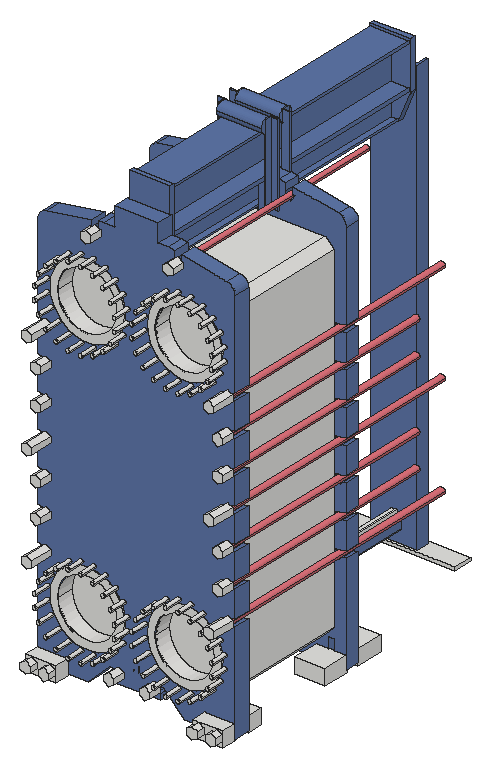
Revit family "HVAC_Heat-Exchanger_Alfa-Laval_TS50-FG_ASME___", category Specialty Equipment, Revit 2018 (continued)
Dimensions and locks
  locked: plane 13 to Extrusion 30 sketch curve at 20
  locked: plane 24 to plane 11 "Back" at 20
  "Depth": plane 24 to plane 12
  locked: Extrusion 24 sketch curve to plane 2 at 25
  locked: plane 15 to plane 25 at 688
  locked: plane 15 to Extrusion 24 sketch curve at 278
  locked: plane 15 to Extrusion 25 sketch curve at 278
  locked: plane 27 to plane 26 at 292
  locked: plane 13 to plane 28 at 40
  locked: plane 4 "Back Panel" to plane 26 at 91
  locked: plane 8 to Extrusion 34 sketch curve at 60
  locked: Extrusion 34 sketch curve to plane 3 "Center (Left/Right)" at 235.5
  locked: Extrusion 34 sketch curve to plane 8 at 8
  locked: Extrusion 34 sketch curve to plane 3 "Center (Left/Right)" at 175.5
  locked: Extrusion 34 sketch curve to Extrusion 34 sketch curve at 8  (x2)
  locked: plane 12 to plane 1 "Center (Front/Back)" at 183
  aligned and locked: level to plane 2
  aligned and locked: Extrusion 5 sketch curve to plane 1 "Center (Front/Back)"
  aligned and locked: plane 1 "Center (Front/Back)" to Extrusion 5 sketch curve
  aligned and locked: Extrusion 5 sketch curve to Extrusion 5 sketch curve  (x17)
  aligned and locked: Extrusion 5 sketch curve to plane 4 "Back Panel"
  aligned and locked: plane 4 "Back Panel" to Extrusion 5 sketch curve
  aligned and locked: plane 4 "Back Panel" to Extrusion 9
  aligned and locked: plane 4 "Back Panel" to Extrusion 10
  aligned and locked: plane 9 to Extrusion 11
  aligned and locked: plane 9 to Extrusion 12
  aligned and locked: plane 10 to Extrusion 13
  aligned and locked: Extrusion 13 to plane 10
  aligned and locked: plane 10 to Extrusion 14
  aligned and locked: plane 1 "Center (Front/Back)" to Extrusion 14
  aligned and locked: plane 1 "Center (Front/Back)" to Extrusion 13
  aligned and locked: Extrusion 17 to plane 12
  aligned and locked: Extrusion 18 to plane 12
  aligned and locked: plane 13 to Extrusion 20
  aligned and locked: Extrusion 21 sketch curve to plane 11 "Back"
  aligned and locked: Extrusion 21 to level
  aligned and locked: Extrusion 22 sketch curve to plane 11 "Back"
  aligned and locked: plane 13 to Extrusion 22 sketch curve
  aligned and locked: plane 13 to Extrusion 23
  aligned and locked: Extrusion 24 sketch curve to plane 8  (x2)
  aligned and locked: plane 13 to Extrusion 24 sketch curve
  aligned and locked: Extrusion 24 sketch curve to plane 11 "Back"
  aligned and locked: Extrusion 24 sketch curve to plane 13
  aligned and locked: plane 5 to Extrusion 25 sketch curve
  aligned and locked: Extrusion 25 sketch curve to plane 1 "Center (Front/Back)"
  aligned and locked: plane 8 to Extrusion 25 sketch curve
  aligned and locked: Extrusion 26 to plane 7 "Main body"
  aligned and locked: Extrusion 27 sketch curve to plane 1 "Center (Front/Back)"  (x2)
  aligned and locked: plane 8 to Extrusion 27 sketch curve  (x2)
  aligned and locked: Extrusion 27 sketch curve to Extrusion 5
  aligned and locked: Extrusion 27 sketch curve to Extrusion 27 sketch curve  (x2)
  aligned and locked: Extrusion 5 to Extrusion 27
  aligned and locked: Extrusion 27 to level
  aligned and locked: Extrusion 28 to plane 22
  aligned and locked: Extrusion 29 to plane 22
  aligned and locked: Extrusion 24 sketch curve to plane 15
  aligned and locked: plane 25 to Extrusion 24 sketch curve
  aligned and locked: plane 7 "Main body" to Extrusion 24 sketch curve
  aligned and locked: plane 26 to Extrusion 31  (x2)
  aligned and locked: plane 27 to Extrusion 31
  aligned and locked: Extrusion 32 to plane 28
  aligned and locked: plane 8 to Extrusion 34 sketch curve
  aligned and locked: Extrusion 34 sketch curve to plane 8
  aligned and locked: plane 13 to Extrusion 19
  aligned and locked: plane 13 to Extrusion 36
Automatic sketch dimensions
  plane 5 to Extrusion 9 sketch curve = 200 mm
  Extrusion 9 sketch curve to Extrusion 9 sketch curve = 70 mm  (x8)
  Extrusion 10 sketch curve to plane 3 "Center (Left/Right)" = 675 mm
  plane 5 to Extrusion 10 sketch curve = 200 mm
  plane 3 "Center (Left/Right)" to Extrusion 10 sketch curve = 675 mm
  plane 6 "Top" to Extrusion 10 sketch curve = 530 mm
  Extrusion 21 sketch curve to plane 11 "Back" = 0 mm
  Extrusion 21 sketch curve to plane 3 "Center (Left/Right)" = 180 mm
  Extrusion 21 sketch curve to Extrusion 21 sketch curve = 16.5 mm
  Extrusion 21 sketch curve to Extrusion 21 sketch curve = 15 mm  (x2)
  plane 3 "Center (Left/Right)" to Extrusion 21 sketch curve = 148.5 mm
  Extrusion 21 sketch curve to Extrusion 21 sketch curve = 31.5 mm
  plane 3 "Center (Left/Right)" to Extrusion 23 sketch curve = 20 mm
  Extrusion 23 sketch curve to plane 3 "Center (Left/Right)" = 20 mm
  plane 5 to Extrusion 23 sketch curve = 244.5 mm
  Extrusion 23 sketch curve to Extrusion 23 sketch curve = 40 mm
  Extrusion 5 sketch curve to Extrusion 5 sketch curve = 238 mm
  Extrusion 7 sketch curve to Extrusion 7 sketch curve = 0 mm  (x8)
  Extrusion 7 sketch curve to plane 16 = 0 mm  (x2)
  plane 17 to Extrusion 7 sketch curve = 0 mm  (x2)
  Extrusion 7 sketch curve to plane 21 = 0 mm  (x2)
  Extrusion 7 sketch curve to plane 20 = 0 mm  (x2)
  Extrusion 8 sketch curve to plane 18 = 60.7 mm  (x2)
  Extrusion 8 sketch curve to Extrusion 8 sketch curve = 28.6 mm  (x16)
  Extrusion 8 sketch curve to plane 3 "Center (Left/Right)" = 79.3 mm  (x2)
  plane 3 "Center (Left/Right)" to Extrusion 8 sketch curve = 50.7 mm  (x2)
  Extrusion 8 sketch curve to plane 19 = 89.3 mm  (x2)
  plane 5 to Extrusion 8 sketch curve = 185.2 mm
  Extrusion 8 sketch curve to Extrusion 8 sketch curve = 0 mm
  plane 21 to Extrusion 8 sketch curve = 303.2 mm  (x2)
  Extrusion 8 sketch curve to plane 20 = 331.8 mm  (x2)
  plane 14 to Extrusion 8 sketch curve = 243.8 mm  (x2)
  Extrusion 6 sketch curve to plane 18 = 78.909 mm  (x4)
  Extrusion 6 sketch curve to Extrusion 6 sketch curve = 30.696 mm  (x22)
  Extrusion 6 sketch curve to Extrusion 6 sketch curve = 58.388 mm  (x32)
  Extrusion 6 sketch curve to Extrusion 6 sketch curve = 80.364 mm  (x32)
  Extrusion 6 sketch curve to plane 16 = 49.668 mm  (x4)
  plane 16 to Extrusion 6 sketch curve = 49.668 mm  (x4)
  Extrusion 6 sketch curve to Extrusion 6 sketch curve = 94.474 mm  (x16)
  Extrusion 6 sketch curve to plane 3 "Center (Left/Right)" = 68.909 mm  (x4)
  plane 3 "Center (Left/Right)" to Extrusion 6 sketch curve = 68.909 mm  (x4)
  plane 17 to Extrusion 6 sketch curve = 49.668 mm  (x4)
  Extrusion 6 sketch curve to plane 17 = 49.668 mm  (x4)
  Extrusion 6 sketch curve to plane 19 = 78.909 mm  (x4)
  plane 5 to Extrusion 6 sketch curve = 203.409 mm  (x2)
  Extrusion 6 sketch curve to Extrusion 6 sketch curve = 0 mm  (x6)
  Extrusion 6 sketch curve to plane 21 = 49.668 mm  (x4)
  plane 21 to Extrusion 6 sketch curve = 49.668 mm  (x4)
  Extrusion 6 sketch curve to plane 20 = 313.591 mm  (x2)
  Extrusion 6 sketch curve to plane 20 = 49.668 mm  (x4)
  plane 20 to Extrusion 6 sketch curve = 49.668 mm  (x4)
  Extrusion 26 sketch curve to Extrusion 26 sketch curve = 0 mm  (x8)
  Extrusion 26 sketch curve to plane 16 = 0 mm  (x2)
  plane 17 to Extrusion 26 sketch curve = 0 mm  (x2)
  Extrusion 26 sketch curve to plane 21 = 0 mm  (x2)
  Extrusion 26 sketch curve to plane 20 = 0 mm  (x2)
  Extrusion 11 sketch curve to plane 18 = 60 mm  (x4)
  plane 16 to Extrusion 11 sketch curve = 57.5 mm
  plane 17 to Extrusion 11 sketch curve = 57.5 mm
  Extrusion 11 sketch curve to plane 19 = 60 mm  (x4)
  plane 21 to Extrusion 11 sketch curve = 553 mm  (x2)
  Extrusion 11 sketch curve to Extrusion 11 sketch curve = 265 mm  (x4)
  plane 14 to Extrusion 11 sketch curve = 39.631 mm  (x2)
  Extrusion 28 sketch curve to plane 3 "Center (Left/Right)" = 140 mm
  plane 3 "Center (Left/Right)" to Extrusion 28 sketch curve = 140 mm
  plane 5 to Extrusion 28 sketch curve = 140 mm  (x2)
  Extrusion 11 sketch curve to Extrusion 11 sketch curve = 530 mm  (x2)
  Extrusion 13 sketch curve to plane 18 = 60 mm  (x3)
  Extrusion 13 sketch curve to plane 19 = 60 mm  (x3)
  plane 21 to Extrusion 13 sketch curve = 288 mm  (x2)
  Extrusion 13 sketch curve to Extrusion 13 sketch curve = 795 mm  (x2)
  Extrusion 13 sketch curve to plane 20 = 288 mm  (x2)
  Extrusion 14 sketch curve to plane 18 = 36 mm  (x3)
  Extrusion 14 sketch curve to Extrusion 14 sketch curve = 48 mm  (x9)
  Extrusion 14 sketch curve to plane 19 = 84 mm  (x3)
  Extrusion 14 sketch curve to plane 19 = 36 mm  (x3)
  plane 21 to Extrusion 14 sketch curve = 264 mm  (x2)
  Extrusion 14 sketch curve to Extrusion 14 sketch curve = 747 mm  (x2)
  Extrusion 14 sketch curve to plane 20 = 312 mm  (x2)
  Extrusion 12 sketch curve to plane 18 = 36 mm  (x4)
  Extrusion 12 sketch curve to Extrusion 12 sketch curve = 48 mm  (x12)
  plane 16 to Extrusion 12 sketch curve = 38 mm
  Extrusion 12 sketch curve to Extrusion 12 sketch curve = 39 mm
  plane 17 to Extrusion 12 sketch curve = 77 mm
  plane 17 to Extrusion 12 sketch curve = 38 mm
  Extrusion 12 sketch curve to plane 19 = 84 mm  (x4)
  Extrusion 12 sketch curve to plane 19 = 36 mm  (x4)
  plane 21 to Extrusion 12 sketch curve = 528.998 mm  (x2)
  Extrusion 12 sketch curve to Extrusion 12 sketch curve = 217 mm  (x4)
  Extrusion 12 sketch curve to Extrusion 12 sketch curve = 482 mm  (x2)
  plane 14 to Extrusion 12 sketch curve = 59.131 mm  (x2)
  plane 14 to Extrusion 12 sketch curve = 20.131 mm  (x2)
  Extrusion 29 sketch curve to plane 3 "Center (Left/Right)" = 159.5 mm
  Extrusion 29 sketch curve to Extrusion 29 sketch curve = 39 mm  (x4)
  plane 3 "Center (Left/Right)" to Extrusion 29 sketch curve = 120.5 mm
  plane 5 to Extrusion 29 sketch curve = 120.5 mm  (x2)
  Extrusion 15 sketch curve to plane 18 = 20 mm  (x4)
  Extrusion 15 sketch curve to Extrusion 15 sketch curve = 40 mm  (x31)
  plane 16 to Extrusion 15 sketch curve = 17.5 mm
  Extrusion 15 sketch curve to plane 14 = 6.557 mm  (x2)
  plane 14 to Extrusion 15 sketch curve = 16.537 mm  (x4)
  Extrusion 15 sketch curve to plane 3 "Center (Left/Right)" = 180 mm
  plane 3 "Center (Left/Right)" to Extrusion 15 sketch curve = 100 mm
  plane 17 to Extrusion 15 sketch curve = 97.5 mm
  plane 17 to Extrusion 15 sketch curve = 17.5 mm
  Extrusion 15 sketch curve to plane 19 = 100 mm  (x4)
  Extrusion 15 sketch curve to plane 19 = 20 mm  (x4)
  plane 14 to Extrusion 15 sketch curve = 62.725 mm  (x2)
  Extrusion 15 sketch curve to Extrusion 15 sketch curve = 46.188 mm  (x22)
  Extrusion 15 sketch curve to Extrusion 15 sketch curve = 23.094 mm  (x32)
  Extrusion 15 sketch curve to plane 20 = 506.812 mm  (x2)
  Extrusion 15 sketch curve to Extrusion 15 sketch curve = 172.624 mm  (x4)
  Extrusion 15 sketch curve to Extrusion 15 sketch curve = 437.624 mm  (x2)
  plane 5 to Extrusion 15 sketch curve = 186.188 mm  (x2)
  Extrusion 17 sketch curve to plane 18 = 20 mm  (x3)
  Extrusion 17 sketch curve to Extrusion 17 sketch curve = 40 mm  (x15)
  Extrusion 17 sketch curve to plane 19 = 100 mm  (x3)
  Extrusion 17 sketch curve to plane 19 = 20 mm  (x3)
  plane 21 to Extrusion 17 sketch curve = 241.812 mm  (x2)
  Extrusion 17 sketch curve to Extrusion 17 sketch curve = 23.094 mm  (x18)
  Extrusion 17 sketch curve to Extrusion 17 sketch curve = 46.188 mm  (x12)
  Extrusion 17 sketch curve to Extrusion 17 sketch curve = 702.624 mm  (x2)
  Extrusion 17 sketch curve to plane 20 = 334.188 mm  (x2)
  Extrusion 18 sketch curve to plane 18 = 20 mm  (x3)
  Extrusion 18 sketch curve to Extrusion 18 sketch curve = 80 mm  (x3)
  Extrusion 18 sketch curve to plane 19 = 100 mm  (x3)
  Extrusion 18 sketch curve to plane 19 = 20 mm  (x3)
  plane 21 to Extrusion 18 sketch curve = 241.812 mm  (x2)
  Extrusion 18 sketch curve to Extrusion 18 sketch curve = 92.376 mm  (x6)
  Extrusion 18 sketch curve to Extrusion 18 sketch curve = 702.624 mm  (x2)
  Extrusion 18 sketch curve to plane 20 = 334.188 mm  (x2)
  Extrusion 16 sketch curve to plane 18 = 20 mm  (x4)
  Extrusion 16 sketch curve to Extrusion 16 sketch curve = 80 mm  (x7)
  plane 16 to Extrusion 16 sketch curve = 17.5 mm
  Extrusion 16 sketch curve to plane 3 "Center (Left/Right)" = 180 mm
  plane 3 "Center (Left/Right)" to Extrusion 16 sketch curve = 100 mm
  plane 17 to Extrusion 16 sketch curve = 97.5 mm
  plane 17 to Extrusion 16 sketch curve = 17.5 mm
  Extrusion 16 sketch curve to plane 19 = 100 mm  (x4)
  Extrusion 16 sketch curve to plane 19 = 20 mm  (x4)
  plane 5 to Extrusion 16 sketch curve = 93.812 mm  (x2)
  Extrusion 16 sketch curve to Extrusion 16 sketch curve = 92.376 mm  (x10)
  plane 21 to Extrusion 16 sketch curve = 506.812 mm  (x2)
  Extrusion 16 sketch curve to Extrusion 16 sketch curve = 172.624 mm  (x4)
  Extrusion 16 sketch curve to Extrusion 16 sketch curve = 437.624 mm  (x2)
  plane 14 to Extrusion 16 sketch curve = 85.819 mm  (x2)
  Extrusion 16 sketch curve to plane 14 = 6.557 mm  (x2)
  Extrusion 1 sketch curve to plane 5 = 0 mm  (x2)
  Extrusion 1 sketch curve to plane 16 = 0 mm  (x2)
  plane 17 to Extrusion 1 sketch curve = 0 mm  (x2)
  Extrusion 1 sketch curve to plane 21 = 0 mm  (x2)
  Extrusion 1 sketch curve to plane 20 = 0 mm  (x2)
  Extrusion 1 sketch curve to plane 18 = 80 mm
  plane 14 to Extrusion 1 sketch curve = 30.915 mm  (x2)
  Extrusion 1 sketch curve to plane 18 = 66.108 mm
  Extrusion 1 sketch curve to plane 18 = 60 mm  (x7)
  Extrusion 1 sketch curve to Extrusion 1 sketch curve = 12.167 mm  (x14)
  Extrusion 1 sketch curve to Extrusion 1 sketch curve = 26.143 mm  (x14)
  plane 18 to Extrusion 1 sketch curve = 0 mm  (x8)
  plane 16 to Extrusion 1 sketch curve = 5.5 mm
  plane 16 to Extrusion 1 sketch curve = 30.5 mm
  Extrusion 1 sketch curve to Extrusion 1 sketch curve = 27 mm  (x4)
  Extrusion 1 sketch curve to plane 14 = 41.536 mm  (x2)
  Extrusion 1 sketch curve to Extrusion 1 sketch curve = 54 mm
  Extrusion 1 sketch curve to plane 14 = 50 mm  (x2)
  Extrusion 1 sketch curve to Extrusion 1 sketch curve = 48 mm  (x2)
  plane 16 to Extrusion 1 sketch curve = 172.5 mm
  Extrusion 1 sketch curve to Extrusion 1 sketch curve = 20 mm
  Extrusion 1 sketch curve to Extrusion 1 sketch curve = 80 mm  (x2)
  Extrusion 1 sketch curve to Extrusion 1 sketch curve = 30.169 mm  (x2)
  Extrusion 1 sketch curve to Extrusion 1 sketch curve = 50.169 mm  (x2)
  Extrusion 1 sketch curve to Extrusion 1 sketch curve = 19.831 mm  (x3)
  plane 3 "Center (Left/Right)" to Extrusion 1 sketch curve = 140 mm
  plane 3 "Center (Left/Right)" to Extrusion 1 sketch curve = 170 mm
  plane 14 to Extrusion 1 sketch curve = 19.209 mm  (x2)
  plane 17 to Extrusion 1 sketch curve = 30.5 mm
  plane 17 to Extrusion 1 sketch curve = 5.5 mm
  Extrusion 1 sketch curve to plane 19 = 80 mm
  Extrusion 1 sketch curve to plane 19 = 66.108 mm
  Extrusion 1 sketch curve to plane 19 = 60 mm  (x7)
  plane 19 to Extrusion 1 sketch curve = 0 mm  (x8)
  plane 5 to Extrusion 1 sketch curve = 70 mm
  Extrusion 1 sketch curve to Extrusion 1 sketch curve = 43 mm  (x2)
  plane 21 to Extrusion 1 sketch curve = 267.053 mm  (x2)
  Extrusion 1 sketch curve to Extrusion 1 sketch curve = 9.072 mm  (x14)
  Extrusion 1 sketch curve to Extrusion 1 sketch curve = 20.947 mm  (x14)
  Extrusion 1 sketch curve to Extrusion 1 sketch curve = 12.817 mm  (x14)
  Extrusion 1 sketch curve to Extrusion 1 sketch curve = 200.023 mm  (x12)
  Extrusion 1 sketch curve to Extrusion 1 sketch curve = 20.421 mm
  plane 14 to Extrusion 1 sketch curve = 39.631 mm
  Extrusion 1 sketch curve to plane 14 = 32.015 mm  (x2)
  plane 6 "Top" to Extrusion 1 sketch curve = 107 mm
  plane 5 to Extrusion 3 sketch curve = 10 mm
  plane 6 "Top" to Extrusion 3 sketch curve = 250 mm
  Extrusion 3 sketch curve to plane 19 = 0 mm
  plane 18 to Extrusion 3 sketch curve = 0 mm
  plane 14 to Extrusion 9 sketch curve = 300 mm
  Extrusion 9 sketch curve to plane 16 = 222.5 mm
  Extrusion 9 sketch curve to plane 17 = 222.5 mm
  plane 19 to Extrusion 2 sketch curve = 0 mm  (x8)
  Extrusion 2 sketch curve to plane 19 = 33.857 mm  (x7)
  Extrusion 2 sketch curve to plane 19 = 47.833 mm  (x7)
  Extrusion 2 sketch curve to Extrusion 2 sketch curve = 12.167 mm  (x11)
  Extrusion 2 sketch curve to Extrusion 2 sketch curve = 26.143 mm  (x10)
  plane 14 to Extrusion 2 sketch curve = 30.915 mm  (x2)
  Extrusion 2 sketch curve to plane 19 = 66.108 mm
  Extrusion 2 sketch curve to plane 19 = 80 mm
  Extrusion 2 sketch curve to plane 19 = 94 mm
  plane 5 to Extrusion 2 sketch curve = 10 mm  (x4)
  Extrusion 2 sketch curve to Extrusion 2 sketch curve = 50 mm  (x2)
  plane 17 to Extrusion 2 sketch curve = 15.5 mm
  plane 17 to Extrusion 2 sketch curve = 30.5 mm
  Extrusion 2 sketch curve to Extrusion 2 sketch curve = 27 mm  (x4)
  Extrusion 2 sketch curve to plane 14 = 41.536 mm  (x2)
  Extrusion 2 sketch curve to Extrusion 2 sketch curve = 54 mm
  plane 17 to Extrusion 2 sketch curve = 172.5 mm
  Extrusion 2 sketch curve to Extrusion 2 sketch curve = 20 mm
  Extrusion 2 sketch curve to plane 14 = 2 mm  (x2)
  Extrusion 2 sketch curve to Extrusion 2 sketch curve = 128 mm
  Extrusion 2 sketch curve to Extrusion 2 sketch curve = 50.169 mm  (x2)
  Extrusion 2 sketch curve to Extrusion 2 sketch curve = 30.169 mm  (x2)
  Extrusion 2 sketch curve to Extrusion 2 sketch curve = 19.831 mm  (x3)
  plane 3 "Center (Left/Right)" to Extrusion 2 sketch curve = 80 mm
  plane 3 "Center (Left/Right)" to Extrusion 2 sketch curve = 62.5 mm
  Extrusion 2 sketch curve to Extrusion 2 sketch curve = 35 mm  (x2)
  plane 3 "Center (Left/Right)" to Extrusion 2 sketch curve = 22.5 mm
  plane 3 "Center (Left/Right)" to Extrusion 2 sketch curve = 20 mm
  Extrusion 2 sketch curve to plane 3 "Center (Left/Right)" = 20 mm
  Extrusion 2 sketch curve to plane 3 "Center (Left/Right)" = 22.5 mm
  Extrusion 2 sketch curve to plane 3 "Center (Left/Right)" = 45 mm
  Extrusion 2 sketch curve to Extrusion 2 sketch curve = 40 mm
  Extrusion 2 sketch curve to Extrusion 2 sketch curve = 77.5 mm
  Extrusion 2 sketch curve to Extrusion 2 sketch curve = 90 mm
  Extrusion 2 sketch curve to Extrusion 2 sketch curve = 80 mm
  plane 14 to Extrusion 2 sketch curve = 19.209 mm  (x2)
  Extrusion 2 sketch curve to Extrusion 2 sketch curve = 48 mm  (x3)
  plane 16 to Extrusion 2 sketch curve = 30.5 mm
  plane 16 to Extrusion 2 sketch curve = 15.5 mm
  Extrusion 2 sketch curve to plane 18 = 144 mm
  Extrusion 2 sketch curve to plane 18 = 80 mm
  Extrusion 2 sketch curve to plane 18 = 66.108 mm
  Extrusion 2 sketch curve to plane 18 = 60 mm  (x7)
  plane 18 to Extrusion 2 sketch curve = 0 mm  (x8)
  plane 5 to Extrusion 2 sketch curve = 70 mm  (x2)
  Extrusion 2 sketch curve to Extrusion 2 sketch curve = 43 mm  (x2)
  Extrusion 2 sketch curve to Extrusion 2 sketch curve = 180 mm  (x2)
  Extrusion 2 sketch curve to Extrusion 2 sketch curve = 53 mm
  Extrusion 2 sketch curve to Extrusion 2 sketch curve = 0 mm
  Extrusion 2 sketch curve to Extrusion 2 sketch curve = 11.386 mm  (x2)
  Extrusion 2 sketch curve to Extrusion 2 sketch curve = 19.843 mm
  plane 21 to Extrusion 2 sketch curve = 267.053 mm  (x2)
  Extrusion 2 sketch curve to Extrusion 2 sketch curve = 9.072 mm  (x14)
  Extrusion 2 sketch curve to Extrusion 2 sketch curve = 20.947 mm  (x14)
  Extrusion 2 sketch curve to Extrusion 2 sketch curve = 12.817 mm  (x14)
  Extrusion 2 sketch curve to Extrusion 2 sketch curve = 200.023 mm  (x12)
  plane 20 to Extrusion 2 sketch curve = 249 mm
  Extrusion 2 sketch curve to Extrusion 2 sketch curve = 60 mm  (x2)
  Extrusion 2 sketch curve to Extrusion 2 sketch curve = 20.421 mm
  plane 14 to Extrusion 2 sketch curve = 39.631 mm
  Extrusion 2 sketch curve to plane 14 = 32.015 mm  (x2)
  Extrusion 2 sketch curve to Extrusion 2 sketch curve = 8.464 mm
  plane 18 to Extrusion 4 sketch curve = 0 mm
  Extrusion 4 sketch curve to plane 16 = 0 mm  (x2)
  plane 17 to Extrusion 4 sketch curve = 0 mm  (x2)
  Extrusion 4 sketch curve to plane 5 = 0 mm
  Extrusion 4 sketch curve to plane 19 = 0 mm
  Extrusion 4 sketch curve to plane 21 = 0 mm  (x2)
  Extrusion 4 sketch curve to plane 20 = 0 mm  (x2)
  plane 6 "Top" to Extrusion 4 sketch curve = 107 mm
  Extrusion 30 sketch curve to plane 16 = 112.5 mm
  Extrusion 30 sketch curve to plane 17 = 112.5 mm
  plane 16 to Extrusion 22 sketch curve = 202.5 mm
  plane 3 "Center (Left/Right)" to Extrusion 22 sketch curve = 180 mm
  plane 5 to Extrusion 24 sketch curve = 105 mm
  Extrusion 24 sketch curve to Extrusion 24 sketch curve = 100 mm
  plane 14 to Extrusion 20 sketch curve = 217 mm
  Extrusion 20 sketch curve to plane 3 "Center (Left/Right)" = 160 mm
  Extrusion 20 sketch curve to plane 3 "Center (Left/Right)" = 50 mm
  plane 3 "Center (Left/Right)" to Extrusion 20 sketch curve = 50 mm
  Extrusion 20 sketch curve to plane 6 "Top" = 93 mm
  plane 3 "Center (Left/Right)" to Extrusion 20 sketch curve = 160 mm
  plane 5 to Extrusion 20 sketch curve = 204.5 mm
  Extrusion 20 sketch curve to Extrusion 20 sketch curve = 100 mm
  Extrusion 31 sketch curve to plane 15 = 0 mm
  Extrusion 31 sketch curve to plane 3 "Center (Left/Right)" = 160 mm
  plane 3 "Center (Left/Right)" to Extrusion 31 sketch curve = 160 mm
  Extrusion 31 sketch curve to Extrusion 31 sketch curve = 78 mm
  Extrusion 32 sketch curve to Extrusion 22 = 20 mm
  Extrusion 32 sketch curve to Extrusion 22 = 110 mm
  Extrusion 22 to Extrusion 32 sketch curve = 110 mm
  Extrusion 32 sketch curve to Extrusion 22 = 198 mm
  Extrusion 22 to Extrusion 32 sketch curve = 182 mm  (x2)
  Extrusion 32 sketch curve to Extrusion 32 sketch curve = 230 mm
  Extrusion 22 to Extrusion 32 sketch curve = 20 mm
  Extrusion 33 sketch curve to Extrusion 4 = 200 mm
  Extrusion 4 to Extrusion 33 sketch curve = 615 mm
  Extrusion 33 sketch curve to Extrusion 33 sketch curve = 90 mm
  Extrusion 33 sketch curve to Extrusion 33 sketch curve = 140 mm
  Extrusion 33 sketch curve to Extrusion 33 sketch curve = 320 mm
  Extrusion 4 to Extrusion 33 sketch curve = 180 mm  (x2)
  Extrusion 33 sketch curve to Extrusion 33 sketch curve = 230 mm
  Extrusion 19 sketch curve to plane 6 "Top" = 55.5 mm  (x2)
  Extrusion 19 sketch curve to plane 3 "Center (Left/Right)" = 150 mm  (x2)
  Extrusion 19 sketch curve to plane 14 = 14.5 mm  (x2)
  Extrusion 19 sketch curve to plane 3 "Center (Left/Right)" = 60 mm
  Extrusion 19 sketch curve to plane 3 "Center (Left/Right)" = 50 mm
  Extrusion 19 sketch curve to Extrusion 19 sketch curve = 6.25 mm  (x3)
  Extrusion 19 sketch curve to plane 3 "Center (Left/Right)" = 5 mm
  Extrusion 19 sketch curve to plane 3 "Center (Left/Right)" = 4 mm
  plane 3 "Center (Left/Right)" to Extrusion 19 sketch curve = 5 mm
  plane 3 "Center (Left/Right)" to Extrusion 19 sketch curve = 43.75 mm  (x2)
  plane 25 to Extrusion 19 sketch curve = 9.064 mm
  plane 3 "Center (Left/Right)" to Extrusion 19 sketch curve = 60 mm
  Extrusion 19 sketch curve to Extrusion 19 sketch curve = 146 mm
  Extrusion 19 sketch curve to Extrusion 19 sketch curve = 145 mm
  plane 25 to Extrusion 19 sketch curve = 0.064 mm
  plane 5 to Extrusion 19 sketch curve = 204.5 mm
  Extrusion 19 sketch curve to Extrusion 19 sketch curve = 87.5 mm
  Extrusion 19 sketch curve to Extrusion 19 sketch curve = 26.5 mm
  Extrusion 19 sketch curve to Extrusion 19 sketch curve = 0 mm  (x2)
  Extrusion 19 sketch curve to Extrusion 19 sketch curve = 17.5 mm
  plane 3 "Center (Left/Right)" to Extrusion 19 sketch curve = 4 mm
  Extrusion 19 to Extrusion 34 sketch curve = 85.5 mm
  Extrusion 19 to Extrusion 34 sketch curve = 33.5 mm
  Extrusion 34 sketch curve to Extrusion 19 = 25.5 mm  (x2)
  Extrusion 34 sketch curve to Extrusion 34 sketch curve = 8 mm  (x5)
  Extrusion 34 sketch curve to Extrusion 34 sketch curve = 52 mm  (x5)
  Extrusion 34 sketch curve to Extrusion 34 sketch curve = 110 mm  (x2)
  Extrusion 35 sketch curve to plane 4 "Back Panel" = 35 mm
  Extrusion 35 sketch curve to plane 8 = 35 mm
  Extrusion 35 sketch curve to plane 15 = 55 mm  (x2)
  Extrusion 5 sketch curve to plane 19 = 0 mm  (x2)
  Extrusion 5 sketch curve to plane 16 = 154.5 mm
  Extrusion 5 sketch curve to plane 18 = 0 mm
  Extrusion 27 sketch curve to plane 18 = 0 mm
  Extrusion 27 sketch curve to plane 19 = 0 mm  (x2)
  Extrusion 27 sketch curve to plane 16 = 154.5 mm  (x2)
  Extrusion 27 sketch curve to plane 17 = 154.5 mm  (x2)
  plane 27 to Extrusion 27 sketch curve = 129 mm
  Extrusion 36 sketch curve to plane 3 "Center (Left/Right)" = 20 mm
  Extrusion 36 sketch curve to Extrusion 36 sketch curve = 5 mm  (x2)
  Extrusion 36 sketch curve to plane 3 "Center (Left/Right)" = 15 mm
  plane 3 "Center (Left/Right)" to Extrusion 36 sketch curve = 15 mm  (x2)
  plane 5 to Extrusion 36 sketch curve = 204.5 mm
  Extrusion 36 sketch curve to Extrusion 36 sketch curve = 30 mm
  Extrusion 27 to Extrusion 37 sketch curve = 6.537 mm  (x4)
  Extrusion 37 sketch curve to Extrusion 27 = 1305 mm
  Extrusion 27 to Extrusion 37 sketch curve = 21.463 mm  (x4)
  Extrusion 37 sketch curve to Extrusion 37 sketch curve = 80 mm  (x3)
  Extrusion 37 sketch curve to Extrusion 37 sketch curve = 64 mm  (x2)
  Extrusion 27 to Extrusion 37 sketch curve = 7 mm
  Extrusion 37 sketch curve to Extrusion 27 = 7 mm
  Extrusion 27 to Extrusion 38 sketch curve = 29.443 mm  (x8)
  Extrusion 38 sketch curve to Extrusion 27 = 1305 mm
  Extrusion 27 to Extrusion 38 sketch curve = 21.275 mm  (x4)
  Extrusion 38 sketch curve to Extrusion 38 sketch curve = 40 mm  (x11)
  Extrusion 27 to Extrusion 38 sketch curve = 6.349 mm  (x4)
  Extrusion 38 sketch curve to Extrusion 38 sketch curve = 64 mm  (x2)
  Extrusion 27 to Extrusion 38 sketch curve = 7 mm
  Extrusion 38 sketch curve to Extrusion 27 = 7 mm
  Extrusion 27 to Extrusion 38 sketch curve = 44.369 mm  (x8)
  Masking region 1 sketch curve to plane 18 = 0 mm  (x2)
  Masking region 1 sketch curve to plane 12 = 0 mm  (x2)
  Masking region 1 sketch curve to plane 10 = 0 mm  (x2)
  plane 8 to Masking region 1 sketch curve = 0 mm  (x4)
  Masking region 1 sketch curve to plane 24 = 0 mm
  Masking region 1 sketch curve to plane 9 = 0 mm  (x4)
  Masking region 1 sketch curve to plane 28 = 0 mm  (x2)
  plane 1 "Center (Front/Back)" to Masking region 1 sketch curve = 0 mm  (x3)
  Masking region 1 sketch curve to plane 19 = 0 mm  (x2)
  Masking region 1 sketch curve to plane 18 = 7 mm
  Masking region 1 sketch curve to plane 18 = 36 mm  (x2)
  Masking region 1 sketch curve to Masking region 1 sketch curve = 48 mm
  Masking region 1 sketch curve to Masking region 1 sketch curve = 48.033 mm
  Masking region 1 sketch curve to Masking region 1 sketch curve = 15.967 mm
  Masking region 1 sketch curve to plane 16 = 161.5 mm
  Masking region 1 sketch curve to Masking region 1 sketch curve = 3.071 mm  (x2)
  Masking region 1 sketch curve to Masking region 1 sketch curve = 154 mm
  Masking region 1 sketch curve to Masking region 1 sketch curve = 28.575 mm  (x14)
  Masking region 1 sketch curve to plane 16 = 112.5 mm
  Masking region 1 sketch curve to plane 16 = 63.955 mm
  plane 16 to Masking region 1 sketch curve = 17.5 mm
  Masking region 1 sketch curve to Masking region 1 sketch curve = 17.881 mm
  plane 16 to Masking region 1 sketch curve = 38 mm
  Masking region 1 sketch curve to Masking region 1 sketch curve = 39 mm  (x6)
  Masking region 1 sketch curve to Masking region 1 sketch curve = 33.544 mm  (x2)
  plane 1 "Center (Front/Back)" to Masking region 1 sketch curve = 2 mm  (x8)
  Masking region 1 sketch curve to Masking region 1 sketch curve = 32.355 mm  (x2)
  Masking region 1 sketch curve to Masking region 1 sketch curve = 70 mm  (x2)
  Masking region 1 sketch curve to plane 8 = 8 mm  (x2)
  Masking region 1 sketch curve to Masking region 1 sketch curve = 52 mm  (x2)
  Masking region 1 sketch curve to Masking region 1 sketch curve = 44.07 mm  (x2)
  Masking region 1 sketch curve to Masking region 1 sketch curve = 8 mm  (x2)
  Masking region 1 sketch curve to Masking region 1 sketch curve = 7.719 mm  (x2)
  Masking region 1 sketch curve to plane 13 = 20 mm  (x2)
  Masking region 1 sketch curve to plane 3 "Center (Left/Right)" = 160 mm
  Masking region 1 sketch curve to Masking region 1 sketch curve = 146 mm
  Masking region 1 sketch curve to Masking region 1 sketch curve = 10 mm  (x2)
  Masking region 1 sketch curve to Masking region 1 sketch curve = 29.813 mm  (x2)
  Masking region 1 sketch curve to Masking region 1 sketch curve = 2.121 mm  (x2)
  plane 3 "Center (Left/Right)" to Masking region 1 sketch curve = 54.621 mm
  plane 3 "Center (Left/Right)" to Masking region 1 sketch curve = 150 mm
  Masking region 1 sketch curve to Masking region 1 sketch curve = 9.5 mm
  Masking region 1 sketch curve to Masking region 1 sketch curve = 16 mm
  plane 17 to Masking region 1 sketch curve = 38 mm
  plane 17 to Masking region 1 sketch curve = 17.5 mm
  Masking region 1 sketch curve to plane 17 = 35.38 mm
  Masking region 1 sketch curve to plane 17 = 112.5 mm
  Masking region 1 sketch curve to Masking region 1 sketch curve = 65.899 mm
  Masking region 1 sketch curve to plane 17 = 154.5 mm
  Masking region 1 sketch curve to plane 19 = 100 mm
  Masking region 1 sketch curve to plane 19 = 84 mm
  Masking region 1 sketch curve to Masking region 1 sketch curve = 16.011 mm
  Masking region 1 sketch curve to plane 19 = 36 mm
  Masking region 1 sketch curve to plane 19 = 7 mm
  plane 12 to Masking region 1 sketch curve = 49 mm  (x11)
  Masking region 1 sketch curve to Masking region 1 sketch curve = 0 mm  (x12)
  Masking region 1 sketch curve to Masking region 1 sketch curve = 14 mm  (x2)
  plane 12 to Masking region 1 sketch curve = 63 mm  (x2)
  Masking region 1 sketch curve to plane 7 "Main body" = 120 mm  (x2)
  Masking region 1 sketch curve to plane 26 = 129 mm  (x2)
  Masking region 1 sketch curve to plane 27 = 31 mm  (x2)
  Masking region 1 sketch curve to plane 27 = 1 mm  (x2)
  plane 27 to Masking region 1 sketch curve = 129 mm  (x2)
  Masking region 1 sketch curve to Masking region 1 sketch curve = 36 mm
  Masking region 2 sketch curve to plane 12 = 0 mm  (x2)
  plane 8 to Masking region 2 sketch curve = 0 mm  (x6)
  Masking region 2 sketch curve to plane 10 = 0 mm  (x2)
  plane 7 "Main body" to Masking region 2 sketch curve = 0 mm  (x4)
  Masking region 2 sketch curve to plane 4 "Back Panel" = 0 mm  (x8)
  plane 1 "Center (Front/Back)" to Masking region 2 sketch curve = 0 mm  (x20)
  Masking region 2 sketch curve to plane 9 = 0 mm  (x4)
  Masking region 2 sketch curve to plane 28 = 0 mm
  Masking region 2 sketch curve to plane 13 = 0 mm
  Masking region 2 sketch curve to plane 27 = 0 mm  (x2)
  Masking region 2 sketch curve to plane 26 = 0 mm
  Masking region 2 sketch curve to plane 18 = 7 mm
  Masking region 2 sketch curve to Masking region 2 sketch curve = 13 mm
  Masking region 2 sketch curve to plane 18 = 36 mm  (x2)
  Masking region 2 sketch curve to Masking region 2 sketch curve = 44.622 mm
  Masking region 2 sketch curve to Masking region 2 sketch curve = 48.049 mm  (x2)
  Masking region 2 sketch curve to Masking region 2 sketch curve = 28.575 mm  (x18)
  Masking region 2 sketch curve to Masking region 2 sketch curve = 2.121 mm  (x4)
  Masking region 2 sketch curve to Masking region 2 sketch curve = 15.951 mm
  Masking region 2 sketch curve to Masking region 2 sketch curve = 29.813 mm  (x4)
  Masking region 2 sketch curve to Masking region 2 sketch curve = 70 mm  (x2)
  Masking region 2 sketch curve to Masking region 2 sketch curve = 51.789 mm  (x4)
  Masking region 2 sketch curve to plane 16 = 63.955 mm
  plane 16 to Masking region 2 sketch curve = 35.355 mm
  plane 16 to Masking region 2 sketch curve = 38 mm
  Masking region 2 sketch curve to Masking region 2 sketch curve = 28.6 mm
  Masking region 2 sketch curve to Masking region 2 sketch curve = 39 mm  (x3)
  plane 16 to Masking region 2 sketch curve = 84.5 mm
  Masking region 2 sketch curve to Masking region 2 sketch curve = 65.899 mm  (x2)
  Masking region 2 sketch curve to Masking region 2 sketch curve = 48 mm  (x2)
  Masking region 2 sketch curve to plane 8 = 8 mm  (x2)
  Masking region 2 sketch curve to Masking region 2 sketch curve = 14.5 mm  (x3)
  Masking region 2 sketch curve to plane 4 "Back Panel" = 8 mm  (x2)
  plane 26 to Masking region 2 sketch curve = 31 mm  (x2)
  Masking region 2 sketch curve to Masking region 2 sketch curve = 52 mm  (x4)
  Masking region 2 sketch curve to plane 27 = 31 mm  (x2)
  Masking region 2 sketch curve to Masking region 2 sketch curve = 8 mm  (x4)
  Masking region 2 sketch curve to Masking region 2 sketch curve = 5.5 mm
  Masking region 2 sketch curve to plane 3 "Center (Left/Right)" = 160 mm
  Masking region 2 sketch curve to Masking region 2 sketch curve = 146 mm
  Masking region 2 sketch curve to plane 7 "Main body" = 40 mm
  Masking region 2 sketch curve to plane 3 "Center (Left/Right)" = 150 mm
  Masking region 2 sketch curve to Masking region 2 sketch curve = 9.5 mm  (x2)
  plane 3 "Center (Left/Right)" to Masking region 2 sketch curve = 54.621 mm
  plane 3 "Center (Left/Right)" to Masking region 2 sketch curve = 150 mm  (x2)
  plane 3 "Center (Left/Right)" to Masking region 2 sketch curve = 160 mm
  plane 8 to Masking region 2 sketch curve = 20.08 mm
  Masking region 2 sketch curve to Masking region 2 sketch curve = 10.5 mm
  Masking region 2 sketch curve to Masking region 2 sketch curve = 16 mm  (x2)
  Masking region 2 sketch curve to Masking region 2 sketch curve = 25.5 mm
  Masking region 2 sketch curve to Masking region 2 sketch curve = 52.855 mm
  plane 17 to Masking region 2 sketch curve = 63.956 mm
  plane 17 to Masking region 2 sketch curve = 38 mm
  Masking region 2 sketch curve to Masking region 2 sketch curve = 28.663 mm
  Masking region 2 sketch curve to plane 17 = 35.38 mm
  Masking region 2 sketch curve to Masking region 2 sketch curve = 12.281 mm
  Masking region 2 sketch curve to plane 19 = 84 mm
  Masking region 2 sketch curve to plane 19 = 36.037 mm  (x2)
  Masking region 2 sketch curve to plane 19 = 20 mm
  Masking region 2 sketch curve to plane 19 = 7 mm
  plane 12 to Masking region 2 sketch curve = 49 mm  (x12)
  Masking region 2 sketch curve to Masking region 2 sketch curve = 0 mm  (x8)
  Masking region 2 sketch curve to Masking region 2 sketch curve = 14 mm  (x2)
  plane 4 "Back Panel" to Masking region 2 sketch curve = 19.92 mm
  plane 8 to curve 1 = 20.08 mm
  curve 1 to plane 3 "Center (Left/Right)" = 150 mm
  plane 8 to curve 2 = 20.08 mm
  plane 3 "Center (Left/Right)" to curve 2 = 150 mm
  plane 4 "Back Panel" to curve 1 = 19.92 mm
  plane 4 "Back Panel" to curve 2 = 19.92 mm
  Masking region 3 sketch curve to plane 4 "Back Panel" = 0 mm  (x2)
  plane 8 to Masking region 3 sketch curve = 0 mm  (x2)
  plane 7 "Main body" to Masking region 3 sketch curve = 0 mm  (x3)
  Masking region 3 sketch curve to plane 18 = 0 mm
  plane 1 "Center (Front/Back)" to Masking region 3 sketch curve = 0 mm  (x3)
  Masking region 3 sketch curve to plane 13 = 0 mm
  Masking region 3 sketch curve to plane 11 "Back" = 0 mm  (x2)
  Masking region 3 sketch curve to plane 27 = 0 mm
  Masking region 3 sketch curve to plane 28 = 0 mm
  Masking region 3 sketch curve to plane 19 = 0 mm
  plane 18 to Masking region 3 sketch curve = 0 mm
  Masking region 3 sketch curve to plane 18 = 123.893 mm
  Masking region 3 sketch curve to Masking region 3 sketch curve = 29.813 mm  (x4)
  plane 1 "Center (Front/Back)" to Masking region 3 sketch curve = 2 mm  (x7)
  Masking region 3 sketch curve to Masking region 3 sketch curve = 28.575 mm  (x3)
  Masking region 3 sketch curve to Masking region 3 sketch curve = 51.789 mm  (x2)
  plane 16 to Masking region 3 sketch curve = 30.5 mm  (x2)
  Masking region 3 sketch curve to Masking region 3 sketch curve = 54 mm
  Masking region 3 sketch curve to Masking region 3 sketch curve = 118 mm
  Masking region 3 sketch curve to plane 3 "Center (Left/Right)" = 180 mm
  plane 8 to Masking region 3 sketch curve = 20 mm
  Masking region 3 sketch curve to plane 3 "Center (Left/Right)" = 175.5 mm
  plane 4 "Back Panel" to Masking region 3 sketch curve = 20 mm
  Masking region 3 sketch curve to Masking region 3 sketch curve = 0 mm  (x5)
  Masking region 3 sketch curve to Masking region 3 sketch curve = 7.719 mm
  Masking region 3 sketch curve to Masking region 3 sketch curve = 16.5 mm  (x2)
  Masking region 3 sketch curve to Masking region 3 sketch curve = 25.5 mm  (x2)
  plane 13 to Masking region 3 sketch curve = 12 mm
  Masking region 3 sketch curve to Masking region 3 sketch curve = 15 mm  (x2)
  plane 3 "Center (Left/Right)" to Masking region 3 sketch curve = 113.893 mm
  plane 3 "Center (Left/Right)" to Masking region 3 sketch curve = 148.5 mm
  plane 3 "Center (Left/Right)" to Masking region 3 sketch curve = 150 mm
  Masking region 3 sketch curve to plane 27 = 1 mm
  plane 17 to Masking region 3 sketch curve = 84.5 mm
  plane 17 to Masking region 3 sketch curve = 30.5 mm  (x2)
  plane 12 to Masking region 3 sketch curve = 63 mm  (x2)
  Masking region 3 sketch curve to plane 17 = 158.429 mm
  plane 19 to Masking region 3 sketch curve = 0 mm
  plane 12 to Masking region 3 sketch curve = 88 mm  (x2)
  plane 26 to Masking region 3 sketch curve = 1 mm
  Masking region 5 sketch curve to plane 18 = 0 mm  (x2)
  Masking region 5 sketch curve to plane 12 = 0 mm  (x4)
  Masking region 5 sketch curve to plane 10 = 0 mm  (x2)
  plane 8 to Masking region 5 sketch curve = 0 mm  (x4)
  Masking region 5 sketch curve to plane 24 = 0 mm
  Masking region 5 sketch curve to plane 9 = 0 mm  (x2)
  plane 1 "Center (Front/Back)" to Masking region 5 sketch curve = 0 mm
  Masking region 5 sketch curve to plane 19 = 0 mm  (x2)
  Masking region 5 sketch curve to plane 18 = 7 mm
  Masking region 5 sketch curve to plane 18 = 36 mm  (x2)
  Masking region 5 sketch curve to Masking region 5 sketch curve = 48 mm  (x2)
  Masking region 5 sketch curve to Masking region 5 sketch curve = 16 mm  (x2)
  Masking region 5 sketch curve to Masking region 5 sketch curve = 93 mm
  Masking region 5 sketch curve to Masking region 5 sketch curve = 51 mm  (x2)
  Masking region 5 sketch curve to Masking region 5 sketch curve = 80 mm  (x2)
  Masking region 5 sketch curve to Masking region 5 sketch curve = 154 mm
  Masking region 5 sketch curve to plane 16 = 112.5 mm
  plane 16 to Masking region 5 sketch curve = 38 mm
  Masking region 5 sketch curve to Masking region 5 sketch curve = 39 mm
  Masking region 5 sketch curve to plane 13 = 20 mm  (x2)
  Masking region 5 sketch curve to plane 3 "Center (Left/Right)" = 160 mm
  Masking region 5 sketch curve to plane 3 "Center (Left/Right)" = 50.7 mm
  plane 3 "Center (Left/Right)" to Masking region 5 sketch curve = 50.7 mm
  plane 3 "Center (Left/Right)" to Masking region 5 sketch curve = 160 mm
  plane 17 to Masking region 5 sketch curve = 77 mm
  plane 17 to Masking region 5 sketch curve = 38 mm
  Masking region 5 sketch curve to plane 17 = 112.5 mm
  Masking region 5 sketch curve to plane 17 = 154.5 mm
  Masking region 5 sketch curve to plane 17 = 161.5 mm
  Masking region 5 sketch curve to Masking region 5 sketch curve = 100 mm
  Masking region 5 sketch curve to plane 19 = 84 mm
  Masking region 5 sketch curve to plane 19 = 36 mm
  Masking region 5 sketch curve to Masking region 5 sketch curve = 36 mm
  Masking region 5 sketch curve to Masking region 5 sketch curve = 7 mm
  plane 12 to Masking region 5 sketch curve = 49 mm  (x3)
  Masking region 5 sketch curve to Masking region 5 sketch curve = 49 mm
  Masking region 5 sketch curve to Masking region 5 sketch curve = 63 mm
  plane 12 to Masking region 5 sketch curve = 63 mm
  Masking region 5 sketch curve to plane 7 "Main body" = 120 mm  (x2)
  Masking region 5 sketch curve to Masking region 5 sketch curve = 0 mm  (x5)
  Masking region 5 sketch curve to plane 26 = 129 mm  (x2)
  plane 27 to Masking region 5 sketch curve = 129 mm  (x3)
  Masking region 6 sketch curve to plane 18 = 0 mm
  plane 1 "Center (Front/Back)" to Masking region 6 sketch curve = 0 mm  (x4)
  Masking region 6 sketch curve to plane 4 "Back Panel" = 0 mm  (x4)
  plane 8 to Masking region 6 sketch curve = 0 mm  (x4)
  plane 7 "Main body" to Masking region 6 sketch curve = 0 mm  (x5)
  Masking region 6 sketch curve to plane 10 = 0 mm  (x2)
  Masking region 6 sketch curve to plane 9 = 0 mm  (x2)
  Masking region 6 sketch curve to plane 27 = 0 mm
  Masking region 6 sketch curve to plane 13 = 0 mm
  Masking region 6 sketch curve to plane 26 = 0 mm
  Masking region 6 sketch curve to plane 19 = 0 mm
  Masking region 6 sketch curve to Masking region 6 sketch curve = 20 mm  (x2)
  Masking region 6 sketch curve to plane 18 = 36 mm  (x2)
  Masking region 6 sketch curve to Masking region 6 sketch curve = 40.7 mm
  Masking region 6 sketch curve to Masking region 6 sketch curve = 48 mm  (x2)
  plane 16 to Masking region 6 sketch curve = 38 mm  (x2)
  Masking region 6 sketch curve to Masking region 6 sketch curve = 39 mm  (x2)
  Masking region 6 sketch curve to plane 3 "Center (Left/Right)" = 160 mm  (x2)
  Masking region 6 sketch curve to plane 3 "Center (Left/Right)" = 50.7 mm
  plane 3 "Center (Left/Right)" to Masking region 6 sketch curve = 50.7 mm
  plane 3 "Center (Left/Right)" to Masking region 6 sketch curve = 160 mm  (x2)
  plane 17 to Masking region 6 sketch curve = 77 mm  (x2)
  plane 17 to Masking region 6 sketch curve = 38 mm  (x2)
  Masking region 6 sketch curve to plane 19 = 84 mm  (x2)
  Masking region 6 sketch curve to Masking region 6 sketch curve = 60.7 mm
  Masking region 6 sketch curve to plane 19 = 36 mm  (x2)
  plane 12 to Masking region 6 sketch curve = 63 mm  (x2)
  plane 12 to Masking region 6 sketch curve = 49 mm
  Masking region 6 sketch curve to Masking region 6 sketch curve = 14 mm
  Masking region 7 sketch curve to plane 18 = 0 mm  (x3)
  Masking region 7 sketch curve to plane 12 = 0 mm  (x4)
  plane 1 "Center (Front/Back)" to Masking region 7 sketch curve = 0 mm  (x4)
  Masking region 7 sketch curve to plane 4 "Back Panel" = 0 mm  (x4)
  plane 8 to Masking region 7 sketch curve = 0 mm  (x4)
  plane 7 "Main body" to Masking region 7 sketch curve = 0 mm  (x4)
  Masking region 7 sketch curve to plane 13 = 0 mm
  Masking region 7 sketch curve to plane 11 "Back" = 0 mm
  Masking region 7 sketch curve to plane 27 = 0 mm
  Masking region 7 sketch curve to plane 26 = 0 mm
  Masking region 7 sketch curve to plane 19 = 0 mm  (x3)
  Masking region 7 sketch curve to plane 18 = 20 mm
  Masking region 7 sketch curve to plane 18 = 36 mm
  Masking region 7 sketch curve to Masking region 7 sketch curve = 36 mm  (x2)
  Masking region 7 sketch curve to plane 18 = 60.7 mm
  Masking region 7 sketch curve to Masking region 7 sketch curve = 48 mm  (x3)
  Masking region 7 sketch curve to Masking region 7 sketch curve = 16 mm  (x4)
  Masking region 7 sketch curve to Masking region 7 sketch curve = 39.3 mm
  Masking region 7 sketch curve to Masking region 7 sketch curve = 51 mm  (x2)
  Masking region 7 sketch curve to Masking region 7 sketch curve = 80 mm  (x3)
  Masking region 7 sketch curve to Masking region 7 sketch curve = 154 mm
  plane 16 to Masking region 7 sketch curve = 17.5 mm
  Masking region 7 sketch curve to plane 3 "Center (Left/Right)" = 180 mm
  Masking region 7 sketch curve to plane 3 "Center (Left/Right)" = 160 mm
  plane 3 "Center (Left/Right)" to Masking region 7 sketch curve = 160 mm
  plane 3 "Center (Left/Right)" to Masking region 7 sketch curve = 180 mm
  plane 17 to Masking region 7 sketch curve = 97.5 mm
  plane 17 to Masking region 7 sketch curve = 17.5 mm
  Masking region 7 sketch curve to plane 17 = 154.5 mm
  plane 12 to Masking region 7 sketch curve = 49 mm  (x4)
  Masking region 7 sketch curve to plane 17 = 161.5 mm
  Masking region 7 sketch curve to plane 19 = 100 mm  (x2)
  Masking region 7 sketch curve to plane 19 = 84 mm
  Masking region 7 sketch curve to plane 19 = 60.7 mm
  Masking region 7 sketch curve to plane 19 = 36 mm  (x3)
  Masking region 7 sketch curve to plane 19 = 20 mm
  plane 12 to Masking region 7 sketch curve = 88 mm  (x2)
  Masking region 7 sketch curve to plane 7 "Main body" = 120 mm
  Masking region 7 sketch curve to Masking region 7 sketch curve = 120 mm
  Masking region 7 sketch curve to Masking region 7 sketch curve = 0 mm  (x5)
  Masking region 7 sketch curve to plane 26 = 129 mm  (x2)
  plane 27 to Masking region 7 sketch curve = 129 mm  (x3)
  plane 1 "Center (Front/Back)" to Masking region 8 sketch curve = 0 mm
  Masking region 8 sketch curve to plane 18 = 0 mm  (x2)
  plane 8 to Masking region 8 sketch curve = 0 mm  (x2)
  Masking region 8 sketch curve to plane 4 "Back Panel" = 0 mm  (x2)
  plane 7 "Main body" to Masking region 8 sketch curve = 0 mm
  Masking region 8 sketch curve to plane 19 = 0 mm  (x2)
  Masking region 8 sketch curve to plane 3 "Center (Left/Right)" = 160 mm
  plane 3 "Center (Left/Right)" to Masking region 8 sketch curve = 160 mm
  Masking region 9 sketch curve to plane 18 = 0 mm
  plane 8 to Masking region 9 sketch curve = 0 mm  (x2)
  Masking region 9 sketch curve to plane 24 = 0 mm
  plane 1 "Center (Front/Back)" to Masking region 9 sketch curve = 0 mm
  Masking region 9 sketch curve to plane 19 = 0 mm
  Masking region 9 sketch curve to plane 18 = 60.7 mm
  Masking region 9 sketch curve to plane 16 = 154.5 mm
  Masking region 9 sketch curve to plane 16 = 112.5 mm
  Masking region 9 sketch curve to plane 3 "Center (Left/Right)" = 180 mm
  Masking region 9 sketch curve to plane 3 "Center (Left/Right)" = 50.7 mm
  plane 3 "Center (Left/Right)" to Masking region 9 sketch curve = 50.7 mm
  Masking region 9 sketch curve to plane 13 = 20 mm  (x2)
  plane 3 "Center (Left/Right)" to Masking region 9 sketch curve = 180 mm
  Masking region 9 sketch curve to plane 17 = 112.5 mm
  Masking region 9 sketch curve to plane 17 = 154.5 mm
  Masking region 9 sketch curve to plane 19 = 60.7 mm
  plane 12 to Masking region 9 sketch curve = 63 mm
  plane 12 to Masking region 9 sketch curve = 49 mm  (x2)
  plane 27 to Masking region 9 sketch curve = 129 mm  (x2)
  Masking region 9 sketch curve to Masking region 9 sketch curve = 14 mm
  Masking region 10 sketch curve to plane 18 = 0 mm
  plane 1 "Center (Front/Back)" to Masking region 10 sketch curve = 0 mm  (x2)
  plane 8 to Masking region 10 sketch curve = 0 mm  (x2)
  Masking region 10 sketch curve to plane 11 "Back" = 0 mm
  plane 7 "Main body" to Masking region 10 sketch curve = 0 mm
  Masking region 10 sketch curve to plane 19 = 0 mm
  Masking region 10 sketch curve to plane 18 = 60.7 mm
  Masking region 10 sketch curve to plane 16 = 154.5 mm
  Masking region 10 sketch curve to plane 3 "Center (Left/Right)" = 180 mm
  Masking region 10 sketch curve to plane 3 "Center (Left/Right)" = 50.7 mm
  plane 3 "Center (Left/Right)" to Masking region 10 sketch curve = 50.7 mm
  plane 3 "Center (Left/Right)" to Masking region 10 sketch curve = 180 mm
  Masking region 10 sketch curve to plane 17 = 154.5 mm
  Masking region 10 sketch curve to plane 19 = 60.7 mm
  plane 12 to Masking region 10 sketch curve = 49 mm  (x2)
  plane 27 to Masking region 10 sketch curve = 129 mm  (x2)
  plane 1 "Center (Front/Back)" to Masking region 11 sketch curve = 0 mm
  plane 8 to Masking region 11 sketch curve = 0 mm  (x2)
  plane 18 to Masking region 11 sketch curve = 0 mm
  plane 7 "Main body" to Masking region 11 sketch curve = 0 mm
  Masking region 11 sketch curve to plane 3 "Center (Left/Right)" = 180 mm
  plane 3 "Center (Left/Right)" to Masking region 11 sketch curve = 180 mm
  plane 19 to Masking region 11 sketch curve = 0 mm
  Masking region 4 sketch curve to plane 18 = 0 mm  (x4)
  Masking region 4 sketch curve to plane 4 "Back Panel" = 0 mm  (x10)
  plane 1 "Center (Front/Back)" to Masking region 4 sketch curve = 0 mm  (x6)
  plane 7 "Main body" to Masking region 4 sketch curve = 0 mm  (x9)
  plane 8 to Masking region 4 sketch curve = 0 mm  (x10)
  Masking region 4 sketch curve to plane 19 = 0 mm  (x4)
  Masking region 4 sketch curve to plane 18 = 20 mm
  Masking region 4 sketch curve to plane 18 = 33.857 mm
  Masking region 4 sketch curve to plane 18 = 36 mm  (x2)
  Masking region 4 sketch curve to Masking region 4 sketch curve = 50.192 mm
  Masking region 4 sketch curve to Masking region 4 sketch curve = 48.049 mm  (x2)
  Masking region 4 sketch curve to Masking region 4 sketch curve = 15.951 mm  (x2)
  Masking region 4 sketch curve to Masking region 4 sketch curve = 153.951 mm
  plane 16 to Masking region 4 sketch curve = 17.5 mm
  plane 16 to Masking region 4 sketch curve = 30.5 mm  (x2)
  Masking region 4 sketch curve to Masking region 4 sketch curve = 7.5 mm  (x8)
  Masking region 4 sketch curve to Masking region 4 sketch curve = 39 mm  (x2)
  Masking region 4 sketch curve to Masking region 4 sketch curve = 80 mm
  Masking region 4 sketch curve to Masking region 4 sketch curve = 48 mm  (x2)
  plane 8 to Masking region 4 sketch curve = 20.08 mm
  Masking region 4 sketch curve to Masking region 4 sketch curve = 74.5 mm  (x3)
  Masking region 4 sketch curve to Masking region 4 sketch curve = 5.5 mm  (x3)
  Masking region 4 sketch curve to Masking region 4 sketch curve = 138 mm
  Masking region 4 sketch curve to plane 7 "Main body" = 40 mm
  plane 3 "Center (Left/Right)" to Masking region 4 sketch curve = 160 mm
  plane 4 "Back Panel" to Masking region 4 sketch curve = 20 mm
  plane 3 "Center (Left/Right)" to Masking region 4 sketch curve = 170 mm
  plane 1 "Center (Front/Back)" to Masking region 4 sketch curve = 2 mm
  plane 17 to Masking region 4 sketch curve = 97.5 mm
  Masking region 4 sketch curve to Masking region 4 sketch curve = 13 mm
  plane 17 to Masking region 4 sketch curve = 38 mm  (x2)
  plane 17 to Masking region 4 sketch curve = 17.5 mm
  Masking region 4 sketch curve to plane 17 = 154.5 mm
  Masking region 4 sketch curve to plane 19 = 100 mm  (x2)
  Masking region 4 sketch curve to Masking region 4 sketch curve = 16 mm  (x2)
  Masking region 4 sketch curve to plane 19 = 84 mm
  Masking region 4 sketch curve to plane 19 = 36.037 mm  (x2)
  Masking region 4 sketch curve to plane 19 = 33.857 mm
  Masking region 4 sketch curve to plane 19 = 20 mm
  plane 12 to Masking region 4 sketch curve = 88 mm  (x2)
  plane 12 to Masking region 4 sketch curve = 63 mm  (x2)
  plane 1 "Center (Front/Back)" to Masking region 4 sketch curve = 1.936 mm
  Masking region 4 sketch curve to plane 7 "Main body" = 120 mm  (x2)
  Masking region 4 sketch curve to Masking region 4 sketch curve = 0 mm  (x5)
  Masking region 4 sketch curve to plane 26 = 129 mm  (x2)
  Masking region 4 sketch curve to Masking region 4 sketch curve = 19.92 mm
  Masking region 4 sketch curve to Masking region 4 sketch curve = 20 mm
  plane 27 to Masking region 4 sketch curve = 129 mm  (x3)
  radius of Extrusion 7 sketch curve = 303.2 mm  (x4)
  radius of Extrusion 7 sketch curve = 331.8 mm  (x4)
  radius of Extrusion 6 sketch curve = 14.288 mm  (x40)
  radius of Extrusion 6 sketch curve = 14.287 mm  (x40)
  radius of Extrusion 26 sketch curve = 292.5 mm  (x4)
  radius of Extrusion 26 sketch curve = 230 mm  (x4)
  radius of Extrusion 11 sketch curve = 19.5 mm  (x2)
  radius of Extrusion 11 sketch curve = 24 mm  (x8)
  radius of Extrusion 28 sketch curve = 19.5 mm  (x2)
  radius of Extrusion 13 sketch curve = 24 mm  (x6)
  radius of Extrusion 1 sketch curve = 236 mm  (x4)
  radius of Extrusion 4 sketch curve = 303.2 mm  (x4)
  radius of Extrusion 35 sketch curve = 55 mm  (x2)
Connectors
  piping at (-382.5, 0, 2693.033), diameter 500, driven by "Connector Description", driven by "Diameter", driven by "Flow"
    settings: index 1, connector inside diameter 609.6 mm, connector length 0 mm, flow factor 0, pipe flow 0.0 L/s, pressure drop 0.0 Pa, fitting loss kfactor 0, connector angle 0.00°, fixture units 0, engagement length 0 mm, angle of deflection 0.00°, flow configuration 0, flow direction 2, fitting loss method 0, system type 7, joint type 0, gender type 0, connector reference index -1, connector utility 0, adjustable connector no, is connector primary yes, connector description "ASME B16.5 Class150 NPS 20"
  piping at (382.461, 0, 2693.042), diameter 500, driven by "Connector Description", driven by "Diameter", driven by "Flow"
    settings: index 2, connector inside diameter 609.6 mm, connector length 0 mm, flow factor 0, pipe flow 0.0 L/s, pressure drop 0.0 Pa, fitting loss kfactor 0, connector angle 0.00°, fixture units 0, engagement length 0 mm, angle of deflection 0.00°, flow configuration 0, flow direction 1, fitting loss method 0, system type 7, joint type 0, gender type 0, connector reference index -1, connector utility 0, adjustable connector no, is connector primary no, connector description "ASME B16.5 Class150 NPS 20"
  piping at (-382.5, 0, 527), diameter 500, driven by "Connector Description", driven by "Diameter", driven by "Flow"
    settings: index 3, connector inside diameter 609.6 mm, connector length 0 mm, flow factor 0, pipe flow 0.0 L/s, pressure drop 0.0 Pa, fitting loss kfactor 0, connector angle 0.00°, fixture units 0, engagement length 0 mm, angle of deflection 0.00°, flow configuration 0, flow direction 1, fitting loss method 0, system type 7, joint type 0, gender type 0, connector reference index -1, connector utility 0, adjustable connector no, is connector primary no, connector description "ASME B16.5 Class150 NPS 20"
  piping at (382.5, 0, 527), diameter 500, driven by "Connector Description", driven by "Diameter", driven by "Flow"
    settings: index 4, connector inside diameter 609.6 mm, connector length 0 mm, flow factor 0, pipe flow 0.0 L/s, pressure drop 0.0 Pa, fitting loss kfactor 0, connector angle 0.00°, fixture units 0, engagement length 0 mm, angle of deflection 0.00°, flow configuration 0, flow direction 2, fitting loss method 0, system type 7, joint type 0, gender type 0, connector reference index -1, connector utility 0, adjustable connector no, is connector primary no, connector description "ASME B16.5 Class150 NPS 20"
Types (9, lengths in mm): name | zSecond_Heat_Bars | zLower_Heat_Bars | zInner_Length | zFirst_Heat_Bars | Depth
  (no name) | 2105 | 1855 | 1098 | 1855 | 2843
  LC2400 | 2105 | 1855 | 1098 | 1855 | 2843
  LC3000 | 2705 | 2155 | 1494 | 2155 | 3443
  LC3600 | 3305 | 2755 | 1930 | 2755 | 4043
  LC4200 | 3905 | 3055 | 2286 | 3055 | 4643
  LC4800 | 4505 | 3355 | 2678 | 3355 | 5243
  LC5400 | 5105 | 3955 | 3074 | 3955 | 5843
  LC6000 | 6105 | 4255 | 3505 | 4255 | 6443
  LC6600 | 6105 | 4255 | 3650 | 4255 | 7043
